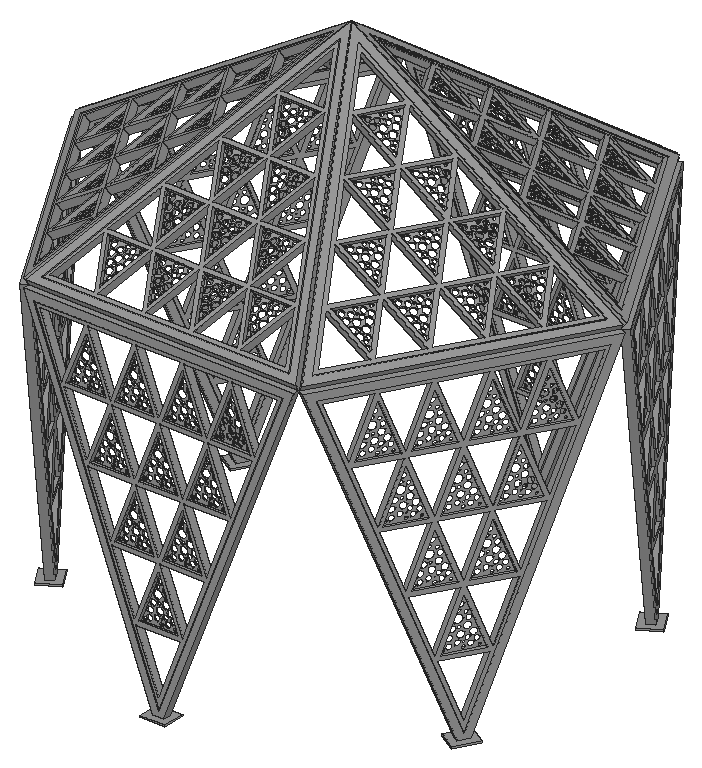
Revit family "Беседка «Трекант» Арт 19429", category Антураж, Revit 2018 (continued)
Forms (mm)
  Extrusion 43, solid, material "Сталь" <- "Цвет каркаса"
    sketch origin (7791.305, 3280, -426.44) x (-1, 0, 0) y (0, 0, 1)
      loop
        circle (5651.999, 1925.722) r 25
      loop
        circle (5571.018, 1965.519) r 12.691
      loop
        circle (5511.404, 1907.708) r 22.784
      loop
        circle (5476.11, 1841.398) r 15
      loop
        circle (5510.198, 1856.051) r 20
      loop
        circle (5560.156, 1872.059) r 20
      loop
        circle (5617.342, 1895.118) r 17.591
      loop
        circle (5671.63, 1882.765) r 20
      loop
        circle (5635.683, 1856.914) r 20
      loop
        circle (5686.795, 1840.888) r 12.84
      loop
        circle (5594.358, 1840.76) r 15
      loop
        circle (5595.853, 1872.696) r 8.413
    from -24 to -26
  Extrusion 44, solid, material "Сталь" <- "Цвет каркаса"
    sketch origin (7463.917, 3280, -426.44) x (-1, 0, 0) y (0, 0, 1)
      loop
        line (5449.503, 1823.152) -> (5723.327, 1823.152) -> (5586.415, 2179.821) -> (5449.503, 1823.152)
      loop
        circle (5580.444, 2103.02) r 20
      loop
        circle (5608.926, 2053.38) r 15
      loop
        circle (5564.101, 2064.484) r 15
      loop
        circle (5564.049, 2016.243) r 30
      loop
        circle (5617.758, 1968.637) r 25
      loop
        circle (5626.526, 2015.753) r 20
      loop
        circle (5532.58, 1959.09) r 21.813
      loop
        circle (5577.77, 1920.177) r 25
      loop
        circle (5651.999, 1925.722) r 25
      loop
        circle (5571.018, 1965.519) r 12.691
      loop
        circle (5511.404, 1907.708) r 22.784
      loop
        circle (5476.11, 1841.398) r 15
      loop
        circle (5510.198, 1856.051) r 20
      loop
        circle (5560.156, 1872.059) r 20
      loop
        circle (5617.342, 1895.118) r 17.591
      loop
        circle (5671.63, 1882.765) r 20
      loop
        circle (5635.683, 1856.914) r 20
      loop
        circle (5686.795, 1840.888) r 12.84
      loop
        circle (5594.358, 1840.76) r 15
      loop
        circle (5595.853, 1872.696) r 8.413
    from -24 to -26
  Extrusion 45, solid, material "Сталь" <- "Цвет каркаса"
    sketch origin (7136.529, 3280, -426.44) x (-1, 0, 0) y (0, 0, 1)
      loop
        line (5449.503, 1823.152) -> (5723.327, 1823.152) -> (5586.415, 2179.821) -> (5449.503, 1823.152)
      loop
        circle (5580.444, 2103.02) r 20
      loop
        circle (5608.926, 2053.38) r 15
      loop
        circle (5564.101, 2064.484) r 15
      loop
        circle (5564.049, 2016.243) r 30
      loop
        circle (5617.758, 1968.637) r 25
      loop
        circle (5626.526, 2015.753) r 20
      loop
        circle (5532.58, 1959.09) r 21.813
      loop
        circle (5577.77, 1920.177) r 25
      loop
        circle (5651.999, 1925.722) r 25
      loop
        circle (5571.018, 1965.519) r 12.691
      loop
        circle (5511.404, 1907.708) r 22.784
      loop
        circle (5476.11, 1841.398) r 15
      loop
        circle (5510.198, 1856.051) r 20
      loop
        circle (5560.156, 1872.059) r 20
      loop
        circle (5617.342, 1895.118) r 17.591
      loop
        circle (5671.63, 1882.765) r 20
      loop
        circle (5635.683, 1856.914) r 20
      loop
        circle (5686.795, 1840.888) r 12.84
      loop
        circle (5594.358, 1840.76) r 15
      loop
        circle (5595.853, 1872.696) r 8.413
    from -24 to -26
  Extrusion 46, solid, material "Сталь" <- "Цвет каркаса"
    sketch origin (7627.61, 3280, -852.88) x (-1, 0, 0) y (0, 0, 1)
      loop
        line (5449.503, 1823.152) -> (5723.327, 1823.152) -> (5586.415, 2179.821) -> (5449.503, 1823.152)
      loop
        circle (5580.444, 2103.02) r 20
      loop
        circle (5608.926, 2053.38) r 15
      loop
        circle (5564.101, 2064.484) r 15
      loop
        circle (5564.049, 2016.243) r 30
      loop
        circle (5617.758, 1968.637) r 25
      loop
        circle (5626.526, 2015.753) r 20
      loop
        circle (5532.58, 1959.09) r 21.813
      loop
        circle (5577.77, 1920.177) r 25
      loop
        circle (5651.999, 1925.722) r 25
      loop
        circle (5571.018, 1965.519) r 12.691
      loop
        circle (5511.404, 1907.708) r 22.784
      loop
        circle (5476.11, 1841.398) r 15
      loop
        circle (5510.198, 1856.051) r 20
      loop
        circle (5560.156, 1872.059) r 20
      loop
        circle (5617.342, 1895.118) r 17.591
      loop
        circle (5671.63, 1882.765) r 20
      loop
        circle (5635.683, 1856.914) r 20
      loop
        circle (5686.795, 1840.888) r 12.84
      loop
        circle (5594.358, 1840.76) r 15
      loop
        circle (5595.853, 1872.696) r 8.413
    from -24 to -26
  Extrusion 47, solid, material "Сталь" <- "Цвет каркаса"
    sketch origin (7300.222, 3280, -852.88) x (-1, 0, 0) y (0, 0, 1)
      loop
        line (5449.503, 1823.152) -> (5723.327, 1823.152) -> (5586.415, 2179.821) -> (5449.503, 1823.152)
      loop
        circle (5580.444, 2103.02) r 20
      loop
        circle (5608.926, 2053.38) r 15
      loop
        circle (5564.101, 2064.484) r 15
      loop
        circle (5564.049, 2016.243) r 30
      loop
        circle (5617.758, 1968.637) r 25
      loop
        circle (5626.526, 2015.753) r 20
      loop
        circle (5532.58, 1959.09) r 21.813
      loop
        circle (5577.77, 1920.177) r 25
      loop
        circle (5651.999, 1925.722) r 25
      loop
        circle (5571.018, 1965.519) r 12.691
      loop
        circle (5511.404, 1907.708) r 22.784
      loop
        circle (5476.11, 1841.398) r 15
      loop
        circle (5510.198, 1856.051) r 20
      loop
        circle (5560.156, 1872.059) r 20
      loop
        circle (5617.342, 1895.118) r 17.591
      loop
        circle (5671.63, 1882.765) r 20
      loop
        circle (5635.683, 1856.914) r 20
      loop
        circle (5686.795, 1840.888) r 12.84
      loop
        circle (5594.358, 1840.76) r 15
      loop
        circle (5595.853, 1872.696) r 8.413
    from -24 to -26
  Extrusion 48, solid, material "Сталь" <- "Цвет каркаса"
    sketch origin (7463.915, 3280, -1279.32) x (-1, 0, 0) y (0, 0, 1)
      loop
        line (5449.503, 1823.152) -> (5723.327, 1823.152) -> (5586.415, 2179.821) -> (5449.503, 1823.152)
      loop
        circle (5580.444, 2103.02) r 20
      loop
        circle (5608.926, 2053.38) r 15
      loop
        circle (5564.101, 2064.484) r 15
      loop
        circle (5564.049, 2016.243) r 30
      loop
        circle (5617.758, 1968.637) r 25
      loop
        circle (5626.526, 2015.753) r 20
      loop
        circle (5532.58, 1959.09) r 21.813
      loop
        circle (5577.77, 1920.177) r 25
      loop
        circle (5651.999, 1925.722) r 25
      loop
        circle (5571.018, 1965.519) r 12.691
      loop
        circle (5511.404, 1907.708) r 22.784
      loop
        circle (5476.11, 1841.398) r 15
      loop
        circle (5510.198, 1856.051) r 20
      loop
        circle (5560.156, 1872.059) r 20
      loop
        circle (5617.342, 1895.118) r 17.591
      loop
        circle (5671.63, 1882.765) r 20
      loop
        circle (5635.683, 1856.914) r 20
      loop
        circle (5686.795, 1840.888) r 12.84
      loop
        circle (5594.358, 1840.76) r 15
      loop
        circle (5595.853, 1872.696) r 8.413
    from -24 to -26
  Extrusion 49, solid, material "Сталь" <- "Цвет каркаса"
    sketch origin (1395.968, 4085.963, 0) x (-0.5, -0.866025, 0) y (0, 0, 1)
      loop
        line (959.5, 2299.592) -> (1842.231, 0) -> (1912.769, 0) -> (2795.5, 2299.592) -> (959.5, 2299.592)
      loop
        line (1032.25, 2249.592) -> (1877.5, 47.642) -> (2722.75, 2249.592) -> (1032.25, 2249.592)
    from 0 to -50
  Extrusion 50, solid, material "Дерево" <- "Цвет отделки"
    sketch origin (1395.968, 4085.963, 0) x (-0.5, -0.866025, 0) y (0, 0, 1)
      loop
        line (1877.5, 47.642) -> (2722.75, 2249.592) -> (1032.25, 2249.592) -> (1877.5, 47.642)
      loop
        line (1723.406, 518.832) -> (1877.5, 117.402) -> (2031.594, 518.832) -> (1723.406, 518.832)
      loop
        line (1559.711, 945.272) -> (1713.809, 543.832) -> (1867.907, 945.272) -> (1559.711, 945.272)
      loop
        line (1396.016, 1371.712) -> (1550.114, 970.272) -> (1704.212, 1371.712) -> (1396.016, 1371.712)
      loop
        line (1232.321, 1798.152) -> (1386.419, 1396.712) -> (1540.517, 1798.152) -> (1232.321, 1798.152)
      loop
        line (1249.503, 1823.152) -> (1523.327, 1823.152) -> (1386.415, 2179.821) -> (1249.503, 1823.152)
      loop
        line (1068.63, 2224.582) -> (1222.724, 1823.152) -> (1376.818, 2224.582) -> (1068.63, 2224.582)
      loop
        line (2204.886, 970.272) -> (2358.984, 1371.712) -> (2050.788, 1371.712) -> (2204.886, 970.272)
      loop
        line (2041.191, 543.832) -> (2195.289, 945.272) -> (1887.093, 945.272) -> (2041.191, 543.832)
      loop
        line (2368.581, 1396.712) -> (2522.679, 1798.152) -> (2214.483, 1798.152) -> (2368.581, 1396.712)
      loop
        line (2532.276, 1823.152) -> (2686.37, 2224.582) -> (2378.182, 2224.582) -> (2532.276, 1823.152)
      loop
        line (1576.891, 1823.152) -> (1850.715, 1823.152) -> (1713.803, 2179.821) -> (1576.891, 1823.152)
      loop
        line (1904.279, 1823.152) -> (2178.103, 1823.152) -> (2041.191, 2179.821) -> (1904.279, 1823.152)
      loop
        line (2231.667, 1823.152) -> (2505.491, 1823.152) -> (2368.579, 2179.821) -> (2231.667, 1823.152)
      loop
        line (2204.888, 1823.152) -> (2358.982, 2224.582) -> (2050.794, 2224.582) -> (2204.888, 1823.152)
      loop
        line (1877.5, 1823.152) -> (2031.594, 2224.582) -> (1723.406, 2224.582) -> (1877.5, 1823.152)
      loop
        line (1550.112, 1823.152) -> (1704.206, 2224.582) -> (1396.018, 2224.582) -> (1550.112, 1823.152)
      loop
        line (1413.198, 1396.712) -> (1687.022, 1396.712) -> (1550.11, 1753.381) -> (1413.198, 1396.712)
      loop
        line (1740.586, 1396.712) -> (2014.41, 1396.712) -> (1877.498, 1753.381) -> (1740.586, 1396.712)
      loop
        line (2067.974, 1396.712) -> (2341.798, 1396.712) -> (2204.886, 1753.381) -> (2067.974, 1396.712)
      loop
        line (1559.709, 1798.152) -> (1713.807, 1396.712) -> (1867.905, 1798.152) -> (1559.709, 1798.152)
      loop
        line (1887.087, 1798.152) -> (2041.189, 1396.702) -> (2195.291, 1798.152) -> (1887.087, 1798.152)
      loop
        line (1576.893, 970.272) -> (1850.717, 970.272) -> (1713.805, 1326.941) -> (1576.893, 970.272)
      loop
        line (1904.281, 970.272) -> (2178.105, 970.272) -> (2041.193, 1326.941) -> (1904.281, 970.272)
      loop
        line (1723.402, 1371.712) -> (1877.5, 970.272) -> (2031.598, 1371.712) -> (1723.402, 1371.712)
      loop
        line (1740.588, 543.832) -> (2014.412, 543.832) -> (1877.5, 900.501) -> (1740.588, 543.832)
    from 0 to -50
  Extrusion 51, solid, material "Сталь" <- "Цвет каркаса"
    sketch origin (3495.968, 7723.269, 0) x (-0.5, -0.866025, 0) y (0, 0, 1)
      loop
        line (5449.503, 1823.152) -> (5723.327, 1823.152) -> (5586.415, 2179.821) -> (5449.503, 1823.152)
      loop
        circle (5580.444, 2103.02) r 20
      loop
        circle (5608.926, 2053.38) r 15
      loop
        circle (5564.101, 2064.484) r 15
      loop
        circle (5564.049, 2016.243) r 30
      loop
        circle (5617.758, 1968.637) r 25
      loop
        circle (5626.526, 2015.753) r 20
      loop
        circle (5532.58, 1959.09) r 21.813
      loop
        circle (5577.77, 1920.177) r 25
      loop
        circle (5651.999, 1925.722) r 25
      loop
        circle (5571.018, 1965.519) r 12.691
      loop
        circle (5511.404, 1907.708) r 22.784
      loop
        circle (5476.11, 1841.398) r 15
      loop
        circle (5510.198, 1856.051) r 20
      loop
        circle (5560.156, 1872.059) r 20
      loop
        circle (5617.342, 1895.118) r 17.591
      loop
        circle (5671.63, 1882.765) r 20
      loop
        circle (5635.683, 1856.914) r 20
      loop
        circle (5686.795, 1840.888) r 12.84
      loop
        circle (5594.358, 1840.76) r 15
      loop
        circle (5595.853, 1872.696) r 8.413
    from -24 to -26
  Extrusion 52, solid, material "Сталь" <- "Цвет каркаса"
    sketch origin (3332.274, 7439.743, 0) x (-0.5, -0.866025, 0) y (0, 0, 1)
      loop
        line (5449.503, 1823.152) -> (5723.327, 1823.152) -> (5586.415, 2179.821) -> (5449.503, 1823.152)
      loop
        circle (5580.444, 2103.02) r 20
      loop
        circle (5608.926, 2053.38) r 15
      loop
        circle (5564.101, 2064.484) r 15
      loop
        circle (5564.049, 2016.243) r 30
      loop
        circle (5617.758, 1968.637) r 25
      loop
        circle (5626.526, 2015.753) r 20
      loop
        circle (5532.58, 1959.09) r 21.813
      loop
        circle (5577.77, 1920.177) r 25
      loop
        circle (5651.999, 1925.722) r 25
      loop
        circle (5571.018, 1965.519) r 12.691
      loop
        circle (5511.404, 1907.708) r 22.784
      loop
        circle (5476.11, 1841.398) r 15
      loop
        circle (5510.198, 1856.051) r 20
      loop
        circle (5560.156, 1872.059) r 20
      loop
        circle (5617.342, 1895.118) r 17.591
      loop
        circle (5671.63, 1882.765) r 20
      loop
        circle (5635.683, 1856.914) r 20
      loop
        circle (5686.795, 1840.888) r 12.84
      loop
        circle (5594.358, 1840.76) r 15
      loop
        circle (5595.853, 1872.696) r 8.413
    from -24 to -26
  Extrusion 53, solid, material "Сталь" <- "Цвет каркаса"
    sketch origin (3168.58, 7156.217, 0) x (-0.5, -0.866025, 0) y (0, 0, 1)
      loop
        line (5449.503, 1823.152) -> (5723.327, 1823.152) -> (5586.415, 2179.821) -> (5449.503, 1823.152)
      loop
        circle (5580.444, 2103.02) r 20
      loop
        circle (5608.926, 2053.38) r 15
      loop
        circle (5564.101, 2064.484) r 15
      loop
        circle (5564.049, 2016.243) r 30
      loop
        circle (5617.758, 1968.637) r 25
      loop
        circle (5626.526, 2015.753) r 20
      loop
        circle (5532.58, 1959.09) r 21.813
      loop
        circle (5577.77, 1920.177) r 25
      loop
        circle (5651.999, 1925.722) r 25
      loop
        circle (5571.018, 1965.519) r 12.691
      loop
        circle (5511.404, 1907.708) r 22.784
      loop
        circle (5476.11, 1841.398) r 15
      loop
        circle (5510.198, 1856.051) r 20
      loop
        circle (5560.156, 1872.059) r 20
      loop
        circle (5617.342, 1895.118) r 17.591
      loop
        circle (5671.63, 1882.765) r 20
      loop
        circle (5635.683, 1856.914) r 20
      loop
        circle (5686.795, 1840.888) r 12.84
      loop
        circle (5594.358, 1840.76) r 15
      loop
        circle (5595.853, 1872.696) r 8.413
    from -24 to -26
  Extrusion 54, solid, material "Сталь" <- "Цвет каркаса"
    sketch origin (3004.886, 6872.69, 0) x (-0.5, -0.866025, 0) y (0, 0, 1)
      loop
        line (5449.503, 1823.152) -> (5723.327, 1823.152) -> (5586.415, 2179.821) -> (5449.503, 1823.152)
      loop
        circle (5580.444, 2103.02) r 20
      loop
        circle (5608.926, 2053.38) r 15
      loop
        circle (5564.101, 2064.484) r 15
      loop
        circle (5564.049, 2016.243) r 30
      loop
        circle (5617.758, 1968.637) r 25
      loop
        circle (5626.526, 2015.753) r 20
      loop
        circle (5532.58, 1959.09) r 21.813
      loop
        circle (5577.77, 1920.177) r 25
      loop
        circle (5651.999, 1925.722) r 25
      loop
        circle (5571.018, 1965.519) r 12.691
      loop
        circle (5511.404, 1907.708) r 22.784
      loop
        circle (5476.11, 1841.398) r 15
      loop
        circle (5510.198, 1856.051) r 20
      loop
        circle (5560.156, 1872.059) r 20
      loop
        circle (5617.342, 1895.118) r 17.591
      loop
        circle (5671.63, 1882.765) r 20
      loop
        circle (5635.683, 1856.914) r 20
      loop
        circle (5686.795, 1840.888) r 12.84
      loop
        circle (5594.358, 1840.76) r 15
      loop
        circle (5595.853, 1872.696) r 8.413
    from -24 to -26
  Extrusion 55, solid, material "Сталь" <- "Цвет каркаса"
    sketch origin (3414.121, 7581.505, -426.44) x (-0.5, -0.866025, 0) y (0, 0, 1)
      loop
        line (5449.503, 1823.152) -> (5723.327, 1823.152) -> (5586.415, 2179.821) -> (5449.503, 1823.152)
      loop
        circle (5580.444, 2103.02) r 20
      loop
        circle (5608.926, 2053.38) r 15
      loop
        circle (5564.101, 2064.484) r 15
      loop
        circle (5564.049, 2016.243) r 30
      loop
        circle (5617.758, 1968.637) r 25
      loop
        circle (5626.526, 2015.753) r 20
      loop
        circle (5532.58, 1959.09) r 21.813
      loop
        circle (5577.77, 1920.177) r 25
      loop
        circle (5651.999, 1925.722) r 25
      loop
        circle (5571.018, 1965.519) r 12.691
      loop
        circle (5511.404, 1907.708) r 22.784
      loop
        circle (5476.11, 1841.398) r 15
      loop
        circle (5510.198, 1856.051) r 20
      loop
        circle (5560.156, 1872.059) r 20
      loop
        circle (5617.342, 1895.118) r 17.591
      loop
        circle (5671.63, 1882.765) r 20
      loop
        circle (5635.683, 1856.914) r 20
      loop
        circle (5686.795, 1840.888) r 12.84
      loop
        circle (5594.358, 1840.76) r 15
      loop
        circle (5595.853, 1872.696) r 8.413
    from -24 to -26
  Extrusion 56, solid, material "Сталь" <- "Цвет каркаса"
    sketch origin (3250.427, 7297.979, -426.44) x (-0.5, -0.866025, 0) y (0, 0, 1)
      loop
        line (5449.503, 1823.152) -> (5723.327, 1823.152) -> (5586.415, 2179.821) -> (5449.503, 1823.152)
      loop
        circle (5580.444, 2103.02) r 20
      loop
        circle (5608.926, 2053.38) r 15
      loop
        circle (5564.101, 2064.484) r 15
      loop
        circle (5564.049, 2016.243) r 30
      loop
        circle (5617.758, 1968.637) r 25
      loop
        circle (5626.526, 2015.753) r 20
      loop
        circle (5532.58, 1959.09) r 21.813
      loop
        circle (5577.77, 1920.177) r 25
      loop
        circle (5651.999, 1925.722) r 25
      loop
        circle (5571.018, 1965.519) r 12.691
      loop
        circle (5511.404, 1907.708) r 22.784
      loop
        circle (5476.11, 1841.398) r 15
      loop
        circle (5510.198, 1856.051) r 20
      loop
        circle (5560.156, 1872.059) r 20
      loop
        circle (5617.342, 1895.118) r 17.591
      loop
        circle (5671.63, 1882.765) r 20
      loop
        circle (5635.683, 1856.914) r 20
      loop
        circle (5686.795, 1840.888) r 12.84
      loop
        circle (5594.358, 1840.76) r 15
      loop
        circle (5595.853, 1872.696) r 8.413
    from -24 to -26
  Extrusion 57, solid, material "Сталь" <- "Цвет каркаса"
    sketch origin (3086.733, 7014.453, -426.44) x (-0.5, -0.866025, 0) y (0, 0, 1)
      loop
        line (5449.503, 1823.152) -> (5723.327, 1823.152) -> (5586.415, 2179.821) -> (5449.503, 1823.152)
      loop
        circle (5580.444, 2103.02) r 20
      loop
        circle (5608.926, 2053.38) r 15
      loop
        circle (5564.101, 2064.484) r 15
      loop
        circle (5564.049, 2016.243) r 30
      loop
        circle (5617.758, 1968.637) r 25
      loop
        circle (5626.526, 2015.753) r 20
      loop
        circle (5532.58, 1959.09) r 21.813
      loop
        circle (5577.77, 1920.177) r 25
      loop
        circle (5651.999, 1925.722) r 25
      loop
        circle (5571.018, 1965.519) r 12.691
      loop
        circle (5511.404, 1907.708) r 22.784
      loop
        circle (5476.11, 1841.398) r 15
      loop
        circle (5510.198, 1856.051) r 20
      loop
        circle (5560.156, 1872.059) r 20
      loop
        circle (5617.342, 1895.118) r 17.591
      loop
        circle (5671.63, 1882.765) r 20
      loop
        circle (5635.683, 1856.914) r 20
      loop
        circle (5686.795, 1840.888) r 12.84
      loop
        circle (5594.358, 1840.76) r 15
      loop
        circle (5595.853, 1872.696) r 8.413
    from -24 to -26
  Extrusion 58, solid, material "Сталь" <- "Цвет каркаса"
    sketch origin (3332.273, 7439.741, -852.88) x (-0.5, -0.866025, 0) y (0, 0, 1)
      loop
        line (5449.503, 1823.152) -> (5723.327, 1823.152) -> (5586.415, 2179.821) -> (5449.503, 1823.152)
      loop
        circle (5580.444, 2103.02) r 20
      loop
        circle (5608.926, 2053.38) r 15
      loop
        circle (5564.101, 2064.484) r 15
      loop
        circle (5564.049, 2016.243) r 30
      loop
        circle (5617.758, 1968.637) r 25
      loop
        circle (5626.526, 2015.753) r 20
      loop
        circle (5532.58, 1959.09) r 21.813
      loop
        circle (5577.77, 1920.177) r 25
      loop
        circle (5651.999, 1925.722) r 25
      loop
        circle (5571.018, 1965.519) r 12.691
      loop
        circle (5511.404, 1907.708) r 22.784
      loop
        circle (5476.11, 1841.398) r 15
      loop
        circle (5510.198, 1856.051) r 20
      loop
        circle (5560.156, 1872.059) r 20
      loop
        circle (5617.342, 1895.118) r 17.591
      loop
        circle (5671.63, 1882.765) r 20
      loop
        circle (5635.683, 1856.914) r 20
      loop
        circle (5686.795, 1840.888) r 12.84
      loop
        circle (5594.358, 1840.76) r 15
      loop
        circle (5595.853, 1872.696) r 8.413
    from -24 to -26
  Extrusion 59, solid, material "Сталь" <- "Цвет каркаса"
    sketch origin (3168.579, 7156.215, -852.88) x (-0.5, -0.866025, 0) y (0, 0, 1)
      loop
        line (5449.503, 1823.152) -> (5723.327, 1823.152) -> (5586.415, 2179.821) -> (5449.503, 1823.152)
      loop
        circle (5580.444, 2103.02) r 20
      loop
        circle (5608.926, 2053.38) r 15
      loop
        circle (5564.101, 2064.484) r 15
      loop
        circle (5564.049, 2016.243) r 30
      loop
        circle (5617.758, 1968.637) r 25
      loop
        circle (5626.526, 2015.753) r 20
      loop
        circle (5532.58, 1959.09) r 21.813
      loop
        circle (5577.77, 1920.177) r 25
      loop
        circle (5651.999, 1925.722) r 25
      loop
        circle (5571.018, 1965.519) r 12.691
      loop
        circle (5511.404, 1907.708) r 22.784
      loop
        circle (5476.11, 1841.398) r 15
      loop
        circle (5510.198, 1856.051) r 20
      loop
        circle (5560.156, 1872.059) r 20
      loop
        circle (5617.342, 1895.118) r 17.591
      loop
        circle (5671.63, 1882.765) r 20
      loop
        circle (5635.683, 1856.914) r 20
      loop
        circle (5686.795, 1840.888) r 12.84
      loop
        circle (5594.358, 1840.76) r 15
      loop
        circle (5595.853, 1872.696) r 8.413
    from -24 to -26
  Extrusion 60, solid, material "Сталь" <- "Цвет каркаса"
    sketch origin (3250.426, 7297.977, -1279.32) x (-0.5, -0.866025, 0) y (0, 0, 1)
      loop
        line (5449.503, 1823.152) -> (5723.327, 1823.152) -> (5586.415, 2179.821) -> (5449.503, 1823.152)
      loop
        circle (5580.444, 2103.02) r 20
      loop
        circle (5608.926, 2053.38) r 15
      loop
        circle (5564.101, 2064.484) r 15
      loop
        circle (5564.049, 2016.243) r 30
      loop
        circle (5617.758, 1968.637) r 25
      loop
        circle (5626.526, 2015.753) r 20
      loop
        circle (5532.58, 1959.09) r 21.813
      loop
        circle (5577.77, 1920.177) r 25
      loop
        circle (5651.999, 1925.722) r 25
      loop
        circle (5571.018, 1965.519) r 12.691
      loop
        circle (5511.404, 1907.708) r 22.784
      loop
        circle (5476.11, 1841.398) r 15
      loop
        circle (5510.198, 1856.051) r 20
      loop
        circle (5560.156, 1872.059) r 20
      loop
        circle (5617.342, 1895.118) r 17.591
      loop
        circle (5671.63, 1882.765) r 20
      loop
        circle (5635.683, 1856.914) r 20
      loop
        circle (5686.795, 1840.888) r 12.84
      loop
        circle (5594.358, 1840.76) r 15
      loop
        circle (5595.853, 1872.696) r 8.413
    from -24 to -26
  Extrusion 61, solid, material "Сталь" <- "Цвет каркаса"
    sketch origin (-481.532, 2445.963, 0) x (0.5, -0.866025, 0) y (0, 0, 1)
      loop
        line (959.5, 2299.592) -> (1842.231, 0) -> (1912.769, 0) -> (2795.5, 2299.592) -> (959.5, 2299.592)
      loop
        line (1032.25, 2249.592) -> (1877.5, 47.642) -> (2722.75, 2249.592) -> (1032.25, 2249.592)
    from 0 to -50
  Extrusion 62, solid, material "Дерево" <- "Цвет отделки"
    sketch origin (-481.532, 2445.963, 0) x (0.5, -0.866025, 0) y (0, 0, 1)
      loop
        line (1877.5, 47.642) -> (2722.75, 2249.592) -> (1032.25, 2249.592) -> (1877.5, 47.642)
      loop
        line (1723.406, 518.832) -> (1877.5, 117.402) -> (2031.594, 518.832) -> (1723.406, 518.832)
      loop
        line (1559.711, 945.272) -> (1713.809, 543.832) -> (1867.907, 945.272) -> (1559.711, 945.272)
      loop
        line (1396.016, 1371.712) -> (1550.114, 970.272) -> (1704.212, 1371.712) -> (1396.016, 1371.712)
      loop
        line (1232.321, 1798.152) -> (1386.419, 1396.712) -> (1540.517, 1798.152) -> (1232.321, 1798.152)
      loop
        line (1249.503, 1823.152) -> (1523.327, 1823.152) -> (1386.415, 2179.821) -> (1249.503, 1823.152)
      loop
        line (1068.63, 2224.582) -> (1222.724, 1823.152) -> (1376.818, 2224.582) -> (1068.63, 2224.582)
      loop
        line (2204.886, 970.272) -> (2358.984, 1371.712) -> (2050.788, 1371.712) -> (2204.886, 970.272)
      loop
        line (2041.191, 543.832) -> (2195.289, 945.272) -> (1887.093, 945.272) -> (2041.191, 543.832)
      loop
        line (2368.581, 1396.712) -> (2522.679, 1798.152) -> (2214.483, 1798.152) -> (2368.581, 1396.712)
      loop
        line (2532.276, 1823.152) -> (2686.37, 2224.582) -> (2378.182, 2224.582) -> (2532.276, 1823.152)
      loop
        line (1576.891, 1823.152) -> (1850.715, 1823.152) -> (1713.803, 2179.821) -> (1576.891, 1823.152)
      loop
        line (1904.279, 1823.152) -> (2178.103, 1823.152) -> (2041.191, 2179.821) -> (1904.279, 1823.152)
      loop
        line (2231.667, 1823.152) -> (2505.491, 1823.152) -> (2368.579, 2179.821) -> (2231.667, 1823.152)
      loop
        line (2204.888, 1823.152) -> (2358.982, 2224.582) -> (2050.794, 2224.582) -> (2204.888, 1823.152)
      loop
        line (1877.5, 1823.152) -> (2031.594, 2224.582) -> (1723.406, 2224.582) -> (1877.5, 1823.152)
      loop
        line (1550.112, 1823.152) -> (1704.206, 2224.582) -> (1396.018, 2224.582) -> (1550.112, 1823.152)
      loop
        line (1413.198, 1396.712) -> (1687.022, 1396.712) -> (1550.11, 1753.381) -> (1413.198, 1396.712)
      loop
        line (1740.586, 1396.712) -> (2014.41, 1396.712) -> (1877.498, 1753.381) -> (1740.586, 1396.712)
      loop
        line (2067.974, 1396.712) -> (2341.798, 1396.712) -> (2204.886, 1753.381) -> (2067.974, 1396.712)
      loop
        line (1559.709, 1798.152) -> (1713.807, 1396.712) -> (1867.905, 1798.152) -> (1559.709, 1798.152)
      loop
        line (1887.087, 1798.152) -> (2041.189, 1396.702) -> (2195.291, 1798.152) -> (1887.087, 1798.152)
      loop
        line (1576.893, 970.272) -> (1850.717, 970.272) -> (1713.805, 1326.941) -> (1576.893, 970.272)
      loop
        line (1904.281, 970.272) -> (2178.105, 970.272) -> (2041.193, 1326.941) -> (1904.281, 970.272)
      loop
        line (1723.402, 1371.712) -> (1877.5, 970.272) -> (2031.598, 1371.712) -> (1723.402, 1371.712)
      loop
        line (1740.588, 543.832) -> (2014.412, 543.832) -> (1877.5, 900.501) -> (1740.588, 543.832)
    from 0 to -50
  Extrusion 63, solid, material "Сталь" <- "Цвет каркаса"
    sketch origin (-2581.532, 6083.269, 0) x (0.5, -0.866025, 0) y (0, 0, 1)
      loop
        line (5449.503, 1823.152) -> (5723.327, 1823.152) -> (5586.415, 2179.821) -> (5449.503, 1823.152)
      loop
        circle (5580.444, 2103.02) r 20
      loop
        circle (5608.926, 2053.38) r 15
      loop
        circle (5564.101, 2064.484) r 15
      loop
        circle (5564.049, 2016.243) r 30
      loop
        circle (5617.758, 1968.637) r 25
      loop
        circle (5626.526, 2015.753) r 20
      loop
        circle (5532.58, 1959.09) r 21.813
      loop
        circle (5577.77, 1920.177) r 25
      loop
        circle (5651.999, 1925.722) r 25
      loop
        circle (5571.018, 1965.519) r 12.691
      loop
        circle (5511.404, 1907.708) r 22.784
      loop
        circle (5476.11, 1841.398) r 15
      loop
        circle (5510.198, 1856.051) r 20
      loop
        circle (5560.156, 1872.059) r 20
      loop
        circle (5617.342, 1895.118) r 17.591
      loop
        circle (5671.63, 1882.765) r 20
      loop
        circle (5635.683, 1856.914) r 20
      loop
        circle (5686.795, 1840.888) r 12.84
      loop
        circle (5594.358, 1840.76) r 15
      loop
        circle (5595.853, 1872.696) r 8.413
    from -24 to -26
  Extrusion 64, solid, material "Сталь" <- "Цвет каркаса"
    sketch origin (-2417.838, 5799.743, 0) x (0.5, -0.866025, 0) y (0, 0, 1)
      loop
        line (5449.503, 1823.152) -> (5723.327, 1823.152) -> (5586.415, 2179.821) -> (5449.503, 1823.152)
      loop
        circle (5580.444, 2103.02) r 20
      loop
        circle (5608.926, 2053.38) r 15
      loop
        circle (5564.101, 2064.484) r 15
      loop
        circle (5564.049, 2016.243) r 30
      loop
        circle (5617.758, 1968.637) r 25
      loop
        circle (5626.526, 2015.753) r 20
      loop
        circle (5532.58, 1959.09) r 21.813
      loop
        circle (5577.77, 1920.177) r 25
      loop
        circle (5651.999, 1925.722) r 25
      loop
        circle (5571.018, 1965.519) r 12.691
      loop
        circle (5511.404, 1907.708) r 22.784
      loop
        circle (5476.11, 1841.398) r 15
      loop
        circle (5510.198, 1856.051) r 20
      loop
        circle (5560.156, 1872.059) r 20
      loop
        circle (5617.342, 1895.118) r 17.591
      loop
        circle (5671.63, 1882.765) r 20
      loop
        circle (5635.683, 1856.914) r 20
      loop
        circle (5686.795, 1840.888) r 12.84
      loop
        circle (5594.358, 1840.76) r 15
      loop
        circle (5595.853, 1872.696) r 8.413
    from -24 to -26
  Extrusion 65, solid, material "Сталь" <- "Цвет каркаса"
    sketch origin (-2254.144, 5516.217, 0) x (0.5, -0.866025, 0) y (0, 0, 1)
      loop
        line (5449.503, 1823.152) -> (5723.327, 1823.152) -> (5586.415, 2179.821) -> (5449.503, 1823.152)
      loop
        circle (5580.444, 2103.02) r 20
      loop
        circle (5608.926, 2053.38) r 15
      loop
        circle (5564.101, 2064.484) r 15
      loop
        circle (5564.049, 2016.243) r 30
      loop
        circle (5617.758, 1968.637) r 25
      loop
        circle (5626.526, 2015.753) r 20
      loop
        circle (5532.58, 1959.09) r 21.813
      loop
        circle (5577.77, 1920.177) r 25
      loop
        circle (5651.999, 1925.722) r 25
      loop
        circle (5571.018, 1965.519) r 12.691
      loop
        circle (5511.404, 1907.708) r 22.784
      loop
        circle (5476.11, 1841.398) r 15
      loop
        circle (5510.198, 1856.051) r 20
      loop
        circle (5560.156, 1872.059) r 20
      loop
        circle (5617.342, 1895.118) r 17.591
      loop
        circle (5671.63, 1882.765) r 20
      loop
        circle (5635.683, 1856.914) r 20
      loop
        circle (5686.795, 1840.888) r 12.84
      loop
        circle (5594.358, 1840.76) r 15
      loop
        circle (5595.853, 1872.696) r 8.413
    from -24 to -26
  Extrusion 66, solid, material "Сталь" <- "Цвет каркаса"
    sketch origin (-2090.45, 5232.69, 0) x (0.5, -0.866025, 0) y (0, 0, 1)
      loop
        line (5449.503, 1823.152) -> (5723.327, 1823.152) -> (5586.415, 2179.821) -> (5449.503, 1823.152)
      loop
        circle (5580.444, 2103.02) r 20
      loop
        circle (5608.926, 2053.38) r 15
      loop
        circle (5564.101, 2064.484) r 15
      loop
        circle (5564.049, 2016.243) r 30
      loop
        circle (5617.758, 1968.637) r 25
      loop
        circle (5626.526, 2015.753) r 20
      loop
        circle (5532.58, 1959.09) r 21.813
      loop
        circle (5577.77, 1920.177) r 25
      loop
        circle (5651.999, 1925.722) r 25
      loop
        circle (5571.018, 1965.519) r 12.691
      loop
        circle (5511.404, 1907.708) r 22.784
      loop
        circle (5476.11, 1841.398) r 15
      loop
        circle (5510.198, 1856.051) r 20
      loop
        circle (5560.156, 1872.059) r 20
      loop
        circle (5617.342, 1895.118) r 17.591
      loop
        circle (5671.63, 1882.765) r 20
      loop
        circle (5635.683, 1856.914) r 20
      loop
        circle (5686.795, 1840.888) r 12.84
      loop
        circle (5594.358, 1840.76) r 15
      loop
        circle (5595.853, 1872.696) r 8.413
    from -24 to -26
  Extrusion 67, solid, material "Сталь" <- "Цвет каркаса"
    sketch origin (-2499.684, 5941.505, -426.44) x (0.5, -0.866025, 0) y (0, 0, 1)
      loop
        line (5449.503, 1823.152) -> (5723.327, 1823.152) -> (5586.415, 2179.821) -> (5449.503, 1823.152)
      loop
        circle (5580.444, 2103.02) r 20
      loop
        circle (5608.926, 2053.38) r 15
      loop
        circle (5564.101, 2064.484) r 15
      loop
        circle (5564.049, 2016.243) r 30
      loop
        circle (5617.758, 1968.637) r 25
      loop
        circle (5626.526, 2015.753) r 20
      loop
        circle (5532.58, 1959.09) r 21.813
      loop
        circle (5577.77, 1920.177) r 25
      loop
        circle (5651.999, 1925.722) r 25
      loop
        circle (5571.018, 1965.519) r 12.691
      loop
        circle (5511.404, 1907.708) r 22.784
      loop
        circle (5476.11, 1841.398) r 15
      loop
        circle (5510.198, 1856.051) r 20
      loop
        circle (5560.156, 1872.059) r 20
      loop
        circle (5617.342, 1895.118) r 17.591
      loop
        circle (5671.63, 1882.765) r 20
      loop
        circle (5635.683, 1856.914) r 20
      loop
        circle (5686.795, 1840.888) r 12.84
      loop
        circle (5594.358, 1840.76) r 15
      loop
        circle (5595.853, 1872.696) r 8.413
    from -24 to -26
  Extrusion 68, solid, material "Сталь" <- "Цвет каркаса"
    sketch origin (-2335.99, 5657.979, -426.44) x (0.5, -0.866025, 0) y (0, 0, 1)
      loop
        line (5449.503, 1823.152) -> (5723.327, 1823.152) -> (5586.415, 2179.821) -> (5449.503, 1823.152)
      loop
        circle (5580.444, 2103.02) r 20
      loop
        circle (5608.926, 2053.38) r 15
      loop
        circle (5564.101, 2064.484) r 15
      loop
        circle (5564.049, 2016.243) r 30
      loop
        circle (5617.758, 1968.637) r 25
      loop
        circle (5626.526, 2015.753) r 20
      loop
        circle (5532.58, 1959.09) r 21.813
      loop
        circle (5577.77, 1920.177) r 25
      loop
        circle (5651.999, 1925.722) r 25
      loop
        circle (5571.018, 1965.519) r 12.691
      loop
        circle (5511.404, 1907.708) r 22.784
      loop
        circle (5476.11, 1841.398) r 15
      loop
        circle (5510.198, 1856.051) r 20
      loop
        circle (5560.156, 1872.059) r 20
      loop
        circle (5617.342, 1895.118) r 17.591
      loop
        circle (5671.63, 1882.765) r 20
      loop
        circle (5635.683, 1856.914) r 20
      loop
        circle (5686.795, 1840.888) r 12.84
      loop
        circle (5594.358, 1840.76) r 15
      loop
        circle (5595.853, 1872.696) r 8.413
    from -24 to -26
  Extrusion 69, solid, material "Сталь" <- "Цвет каркаса"
    sketch origin (-2172.296, 5374.453, -426.44) x (0.5, -0.866025, 0) y (0, 0, 1)
      loop
        line (5449.503, 1823.152) -> (5723.327, 1823.152) -> (5586.415, 2179.821) -> (5449.503, 1823.152)
      loop
        circle (5580.444, 2103.02) r 20
      loop
        circle (5608.926, 2053.38) r 15
      loop
        circle (5564.101, 2064.484) r 15
      loop
        circle (5564.049, 2016.243) r 30
      loop
        circle (5617.758, 1968.637) r 25
      loop
        circle (5626.526, 2015.753) r 20
      loop
        circle (5532.58, 1959.09) r 21.813
      loop
        circle (5577.77, 1920.177) r 25
      loop
        circle (5651.999, 1925.722) r 25
      loop
        circle (5571.018, 1965.519) r 12.691
      loop
        circle (5511.404, 1907.708) r 22.784
      loop
        circle (5476.11, 1841.398) r 15
      loop
        circle (5510.198, 1856.051) r 20
      loop
        circle (5560.156, 1872.059) r 20
      loop
        circle (5617.342, 1895.118) r 17.591
      loop
        circle (5671.63, 1882.765) r 20
      loop
        circle (5635.683, 1856.914) r 20
      loop
        circle (5686.795, 1840.888) r 12.84
      loop
        circle (5594.358, 1840.76) r 15
      loop
        circle (5595.853, 1872.696) r 8.413
    from -24 to -26
  Extrusion 70, solid, material "Сталь" <- "Цвет каркаса"
    sketch origin (-2417.837, 5799.741, -852.88) x (0.5, -0.866025, 0) y (0, 0, 1)
      loop
        line (5449.503, 1823.152) -> (5723.327, 1823.152) -> (5586.415, 2179.821) -> (5449.503, 1823.152)
      loop
        circle (5580.444, 2103.02) r 20
      loop
        circle (5608.926, 2053.38) r 15
      loop
        circle (5564.101, 2064.484) r 15
      loop
        circle (5564.049, 2016.243) r 30
      loop
        circle (5617.758, 1968.637) r 25
      loop
        circle (5626.526, 2015.753) r 20
      loop
        circle (5532.58, 1959.09) r 21.813
      loop
        circle (5577.77, 1920.177) r 25
      loop
        circle (5651.999, 1925.722) r 25
      loop
        circle (5571.018, 1965.519) r 12.691
      loop
        circle (5511.404, 1907.708) r 22.784
      loop
        circle (5476.11, 1841.398) r 15
      loop
        circle (5510.198, 1856.051) r 20
      loop
        circle (5560.156, 1872.059) r 20
      loop
        circle (5617.342, 1895.118) r 17.591
      loop
        circle (5671.63, 1882.765) r 20
      loop
        circle (5635.683, 1856.914) r 20
      loop
        circle (5686.795, 1840.888) r 12.84
      loop
        circle (5594.358, 1840.76) r 15
      loop
        circle (5595.853, 1872.696) r 8.413
    from -24 to -26
  Extrusion 71, solid, material "Сталь" <- "Цвет каркаса"
    sketch origin (-2254.143, 5516.215, -852.88) x (0.5, -0.866025, 0) y (0, 0, 1)
      loop
        line (5449.503, 1823.152) -> (5723.327, 1823.152) -> (5586.415, 2179.821) -> (5449.503, 1823.152)
      loop
        circle (5580.444, 2103.02) r 20
      loop
        circle (5608.926, 2053.38) r 15
      loop
        circle (5564.101, 2064.484) r 15
      loop
        circle (5564.049, 2016.243) r 30
      loop
        circle (5617.758, 1968.637) r 25
      loop
        circle (5626.526, 2015.753) r 20
      loop
        circle (5532.58, 1959.09) r 21.813
      loop
        circle (5577.77, 1920.177) r 25
      loop
        circle (5651.999, 1925.722) r 25
      loop
        circle (5571.018, 1965.519) r 12.691
      loop
        circle (5511.404, 1907.708) r 22.784
      loop
        circle (5476.11, 1841.398) r 15
      loop
        circle (5510.198, 1856.051) r 20
      loop
        circle (5560.156, 1872.059) r 20
      loop
        circle (5617.342, 1895.118) r 17.591
      loop
        circle (5671.63, 1882.765) r 20
      loop
        circle (5635.683, 1856.914) r 20
      loop
        circle (5686.795, 1840.888) r 12.84
      loop
        circle (5594.358, 1840.76) r 15
      loop
        circle (5595.853, 1872.696) r 8.413
    from -24 to -26
  Extrusion 72, solid, material "Сталь" <- "Цвет каркаса"
    sketch origin (-2335.989, 5657.977, -1279.32) x (0.5, -0.866025, 0) y (0, 0, 1)
      loop
        line (5449.503, 1823.152) -> (5723.327, 1823.152) -> (5586.415, 2179.821) -> (5449.503, 1823.152)
      loop
        circle (5580.444, 2103.02) r 20
      loop
        circle (5608.926, 2053.38) r 15
      loop
        circle (5564.101, 2064.484) r 15
      loop
        circle (5564.049, 2016.243) r 30
      loop
        circle (5617.758, 1968.637) r 25
      loop
        circle (5626.526, 2015.753) r 20
      loop
        circle (5532.58, 1959.09) r 21.813
      loop
        circle (5577.77, 1920.177) r 25
      loop
        circle (5651.999, 1925.722) r 25
      loop
        circle (5571.018, 1965.519) r 12.691
      loop
        circle (5511.404, 1907.708) r 22.784
      loop
        circle (5476.11, 1841.398) r 15
      loop
        circle (5510.198, 1856.051) r 20
      loop
        circle (5560.156, 1872.059) r 20
      loop
        circle (5617.342, 1895.118) r 17.591
      loop
        circle (5671.63, 1882.765) r 20
      loop
        circle (5635.683, 1856.914) r 20
      loop
        circle (5686.795, 1840.888) r 12.84
      loop
        circle (5594.358, 1840.76) r 15
      loop
        circle (5595.853, 1872.696) r 8.413
    from -24 to -26
  Extrusion 73, solid, material "Сталь" <- "Цвет каркаса", not visible
    sketch origin (0, 0, 0) x (0, 1, 0) y (0, 0, 1)
      loop
        line (19.917, 2339.53) -> (50.001, 2299.59) -> (1669.688, 3494.768) -> (1640, 3535) -> (19.917, 2339.53)
    from 959.5 to 2795.5
  Extrusion 74, void, not visible
    sketch origin (0, -12.14, 2315.875) x (0, -0.804646, -0.593754) y (-1, 0, 0)
      loop
        line (-2053.249, -1877.5) -> (-39.84, -959.5) -> (-2053.249, -959.5) -> (-2053.249, -1877.5)
    from 0 to 60
  Extrusion 75, void, not visible
    sketch origin (3755, -12.14, 2315.875) x (0, -0.804646, -0.593754) y (-1, 0, 0)
      loop
        line (-2053.249, 1877.5) -> (-2053.249, 959.5) -> (-39.84, 959.5) -> (-2053.249, 1877.5)
    from 0 to 60
  Extrusion 76, void, not visible
    sketch origin (0, -12.14, 2315.875) x (0, -0.804646, -0.593754) y (-1, 0, 0)
      loop
        line (-89.84, -1037.249) -> (-1932.726, -1877.5) -> (-89.84, -2717.751) -> (-89.84, -1037.249)
    from 0 to 250
  Extrusion 77, solid, material "Дерево" <- "Цвет отделки", not visible
    sketch origin (0, -12.14, 2315.875) x (0, 0.804646, 0.593754) y (-1, 0, 0)
      loop
        line (114.84, -1076.124) -> (114.84, -1378.414) -> (446.34, -1227.269) -> (114.84, -1076.124)
      loop
        line (1872.464, -1877.5) -> (1540.84, -1726.298) -> (1540.84, -2028.702) -> (1872.464, -1877.5)
      loop
        line (114.84, -2678.876) -> (446.34, -2527.731) -> (114.84, -2376.586) -> (114.84, -2678.876)
      loop
        line (89.84, -1037.249) -> (89.84, -2717.751) -> (1932.726, -1877.5) -> (89.84, -1037.249)
      loop
        line (446.34, -1254.745) -> (149.977, -1389.869) -> (446.34, -1524.993) -> (446.34, -1254.745)
      loop
        line (1159.34, -1579.832) -> (862.977, -1714.956) -> (1159.34, -1850.081) -> (1159.34, -1579.832)
      loop
        line (1515.84, -1742.376) -> (1219.477, -1877.5) -> (1515.84, -2012.624) -> (1515.84, -1742.376)
      loop
        line (802.84, -1417.288) -> (506.477, -1552.413) -> (802.84, -1687.537) -> (802.84, -1417.288)
      loop
        line (471.34, -1238.667) -> (471.34, -1540.957) -> (802.84, -1389.812) -> (471.34, -1238.667)
      loop
        line (827.84, -1401.211) -> (827.84, -1703.501) -> (1159.34, -1552.356) -> (827.84, -1401.211)
      loop
        line (1184.34, -1563.755) -> (1184.34, -1866.045) -> (1515.84, -1714.9) -> (1184.34, -1563.755)
      loop
        line (1515.84, -2040.1) -> (1184.34, -1888.955) -> (1184.34, -2191.245) -> (1515.84, -2040.1)
      loop
        line (802.84, -2365.188) -> (471.34, -2214.043) -> (471.34, -2516.333) -> (802.84, -2365.188)
      loop
        line (1159.34, -2202.644) -> (827.84, -2051.499) -> (827.84, -2353.789) -> (1159.34, -2202.644)
      loop
        line (827.84, -1726.412) -> (827.84, -2028.588) -> (1159.216, -1877.5) -> (827.84, -1726.412)
      loop
        line (1159.34, -1904.919) -> (862.977, -2040.044) -> (1159.34, -2175.168) -> (1159.34, -1904.919)
      loop
        line (802.84, -2040.1) -> (471.34, -1888.955) -> (471.34, -2191.245) -> (802.84, -2040.1)
      loop
        line (471.34, -1563.868) -> (471.34, -1866.045) -> (802.716, -1714.956) -> (471.34, -1563.868)
      loop
        line (802.84, -1742.376) -> (506.477, -1877.5) -> (802.84, -2012.624) -> (802.84, -1742.376)
      loop
        line (802.84, -2067.463) -> (506.477, -2202.587) -> (802.84, -2337.712) -> (802.84, -2067.463)
      loop
        line (446.34, -2202.644) -> (114.84, -2051.499) -> (114.84, -2353.789) -> (446.34, -2202.644)
      loop
        line (446.34, -1877.557) -> (114.84, -1726.412) -> (114.84, -2028.702) -> (446.34, -1877.557)
      loop
        line (114.84, -1401.324) -> (114.84, -1703.501) -> (446.216, -1552.413) -> (114.84, -1401.324)
      loop
        line (446.34, -1579.832) -> (149.977, -1714.956) -> (446.34, -1850.081) -> (446.34, -1579.832)
      loop
        line (446.34, -1904.919) -> (149.977, -2040.044) -> (446.34, -2175.168) -> (446.34, -1904.919)
      loop
        line (446.34, -2230.007) -> (149.977, -2365.131) -> (446.34, -2500.255) -> (446.34, -2230.007)
    from 0 to -50
  Extrusion 78, solid, material "Сталь" <- "Цвет каркаса", not visible
    sketch origin (-164.248, -282.147, 2116.634) x (0, 0.804646, 0.593754) y (-1, 0, 0)
      loop
        line (1851.4, -1906.623) -> (1555.037, -2041.748) -> (1851.4, -2176.872) -> (1851.4, -1906.623)
      loop
        circle (1634.449, -2047.623) r 15
      loop
        circle (1599.07, -2041.349) r 15
      loop
        circle (1669.361, -2021.315) r 25
      loop
        circle (1705.915, -2070.139) r 25
      loop
        circle (1659.082, -2069.694) r 15
      loop
        circle (1716.711, -1994.96) r 21.813
      loop
        circle (1754.375, -2030.151) r 25
      loop
        circle (1748.83, -2101.255) r 25
      loop
        circle (1710.282, -2030.899) r 12.691
      loop
        circle (1770.593, -1975.034) r 22.784
      loop
        circle (1835.028, -1931.616) r 12.596
      loop
        circle (1818.501, -1962.579) r 20
      loop
        circle (1802.493, -2012.537) r 20
      loop
        circle (1779.434, -2069.723) r 17.591
      loop
        circle (1791.786, -2124.011) r 20
      loop
        circle (1817.637, -2088.064) r 20
      loop
        circle (1837, -2138.165) r 12.84
      loop
        circle (1833.791, -2046.738) r 15
      loop
        circle (1801.855, -2048.234) r 8.413
    from -24 to -26
  Extrusion 79, solid, material "Сталь" <- "Цвет каркаса", not visible
    sketch origin (-326.848, -569.004, 1904.961) x (0, 0.804646, 0.593754) y (-1, 0, 0)
      loop
        line (1851.4, -1906.623) -> (1555.037, -2041.748) -> (1851.4, -2176.872) -> (1851.4, -1906.623)
      loop
        circle (1634.449, -2047.623) r 15
      loop
        circle (1599.07, -2041.349) r 15
      loop
        circle (1669.361, -2021.315) r 25
      loop
        circle (1705.915, -2070.139) r 25
      loop
        circle (1659.082, -2069.694) r 15
      loop
        circle (1716.711, -1994.96) r 21.813
      loop
        circle (1754.375, -2030.151) r 25
      loop
        circle (1748.83, -2101.255) r 25
      loop
        circle (1710.282, -2030.899) r 12.691
      loop
        circle (1770.593, -1975.034) r 22.784
      loop
        circle (1835.028, -1931.616) r 12.596
      loop
        circle (1818.501, -1962.579) r 20
      loop
        circle (1802.493, -2012.537) r 20
      loop
        circle (1779.434, -2069.723) r 17.591
      loop
        circle (1791.786, -2124.011) r 20
      loop
        circle (1817.637, -2088.064) r 20
      loop
        circle (1837, -2138.165) r 12.84
      loop
        circle (1833.791, -2046.738) r 15
      loop
        circle (1801.855, -2048.234) r 8.413
    from -24 to -26
  Extrusion 80, solid, material "Сталь" <- "Цвет каркаса", not visible
    sketch origin (-1.647, -569.004, 1904.961) x (0, 0.804646, 0.593754) y (-1, 0, 0)
      loop
        line (1851.4, -1906.623) -> (1555.037, -2041.748) -> (1851.4, -2176.872) -> (1851.4, -1906.623)
      loop
        circle (1634.449, -2047.623) r 15
      loop
        circle (1599.07, -2041.349) r 15
      loop
        circle (1669.361, -2021.315) r 25
      loop
        circle (1705.915, -2070.139) r 25
      loop
        circle (1659.082, -2069.694) r 15
      loop
        circle (1716.711, -1994.96) r 21.813
      loop
        circle (1754.375, -2030.151) r 25
      loop
        circle (1748.83, -2101.255) r 25
      loop
        circle (1710.282, -2030.899) r 12.691
      loop
        circle (1770.593, -1975.034) r 22.784
      loop
        circle (1835.028, -1931.616) r 12.596
      loop
        circle (1818.501, -1962.579) r 20
      loop
        circle (1802.493, -2012.537) r 20
      loop
        circle (1779.434, -2069.723) r 17.591
      loop
        circle (1791.786, -2124.011) r 20
      loop
        circle (1817.637, -2088.064) r 20
      loop
        circle (1837, -2138.165) r 12.84
      loop
        circle (1833.791, -2046.738) r 15
      loop
        circle (1801.855, -2048.234) r 8.413
    from -24 to -26
  Extrusion 81, solid, material "Сталь" <- "Цвет каркаса", not visible
    sketch origin (-489.392, -855.86, 1693.288) x (0, 0.804646, 0.593754) y (-1, 0, 0)
      loop
        line (1851.4, -1906.623) -> (1555.037, -2041.748) -> (1851.4, -2176.872) -> (1851.4, -1906.623)
      loop
        circle (1634.449, -2047.623) r 15
      loop
        circle (1599.07, -2041.349) r 15
      loop
        circle (1669.361, -2021.315) r 25
      loop
        circle (1705.915, -2070.139) r 25
      loop
        circle (1659.082, -2069.694) r 15
      loop
        circle (1716.711, -1994.96) r 21.813
      loop
        circle (1754.375, -2030.151) r 25
      loop
        circle (1748.83, -2101.255) r 25
      loop
        circle (1710.282, -2030.899) r 12.691
      loop
        circle (1770.593, -1975.034) r 22.784
      loop
        circle (1835.028, -1931.616) r 12.596
      loop
        circle (1818.501, -1962.579) r 20
      loop
        circle (1802.493, -2012.537) r 20
      loop
        circle (1779.434, -2069.723) r 17.591
      loop
        circle (1791.786, -2124.011) r 20
      loop
        circle (1817.637, -2088.064) r 20
      loop
        circle (1837, -2138.165) r 12.84
      loop
        circle (1833.791, -2046.738) r 15
      loop
        circle (1801.855, -2048.234) r 8.413
    from -24 to -26
  Extrusion 82, solid, material "Сталь" <- "Цвет каркаса", not visible
    sketch origin (-164.191, -855.86, 1693.288) x (0, 0.804646, 0.593754) y (-1, 0, 0)
      loop
        line (1851.4, -1906.623) -> (1555.037, -2041.748) -> (1851.4, -2176.872) -> (1851.4, -1906.623)
      loop
        circle (1634.449, -2047.623) r 15
      loop
        circle (1599.07, -2041.349) r 15
      loop
        circle (1669.361, -2021.315) r 25
      loop
        circle (1705.915, -2070.139) r 25
      loop
        circle (1659.082, -2069.694) r 15
      loop
        circle (1716.711, -1994.96) r 21.813
      loop
        circle (1754.375, -2030.151) r 25
      loop
        circle (1748.83, -2101.255) r 25
      loop
        circle (1710.282, -2030.899) r 12.691
      loop
        circle (1770.593, -1975.034) r 22.784
      loop
        circle (1835.028, -1931.616) r 12.596
      loop
        circle (1818.501, -1962.579) r 20
      loop
        circle (1802.493, -2012.537) r 20
      loop
        circle (1779.434, -2069.723) r 17.591
      loop
        circle (1791.786, -2124.011) r 20
      loop
        circle (1817.637, -2088.064) r 20
      loop
        circle (1837, -2138.165) r 12.84
      loop
        circle (1833.791, -2046.738) r 15
      loop
        circle (1801.855, -2048.234) r 8.413
    from -24 to -26
  Extrusion 83, solid, material "Сталь" <- "Цвет каркаса", not visible
    sketch origin (-651.935, -1142.716, 1481.614) x (0, 0.804646, 0.593754) y (-1, 0, 0)
      loop
        line (1851.4, -1906.623) -> (1555.037, -2041.748) -> (1851.4, -2176.872) -> (1851.4, -1906.623)
      loop
        circle (1634.449, -2047.623) r 15
      loop
        circle (1599.07, -2041.349) r 15
      loop
        circle (1669.361, -2021.315) r 25
      loop
        circle (1705.915, -2070.139) r 25
      loop
        circle (1659.082, -2069.694) r 15
      loop
        circle (1716.711, -1994.96) r 21.813
      loop
        circle (1754.375, -2030.151) r 25
      loop
        circle (1748.83, -2101.255) r 25
      loop
        circle (1710.282, -2030.899) r 12.691
      loop
        circle (1770.593, -1975.034) r 22.784
      loop
        circle (1835.028, -1931.616) r 12.596
      loop
        circle (1818.501, -1962.579) r 20
      loop
        circle (1802.493, -2012.537) r 20
      loop
        circle (1779.434, -2069.723) r 17.591
      loop
        circle (1791.786, -2124.011) r 20
      loop
        circle (1817.637, -2088.064) r 20
      loop
        circle (1837, -2138.165) r 12.84
      loop
        circle (1833.791, -2046.738) r 15
      loop
        circle (1801.855, -2048.234) r 8.413
    from -24 to -26
  Extrusion 84, solid, material "Сталь" <- "Цвет каркаса", not visible
    sketch origin (-326.735, -1142.716, 1481.614) x (0, 0.804646, 0.593754) y (-1, 0, 0)
      loop
        line (1851.4, -1906.623) -> (1555.037, -2041.748) -> (1851.4, -2176.872) -> (1851.4, -1906.623)
      loop
        circle (1634.449, -2047.623) r 15
      loop
        circle (1599.07, -2041.349) r 15
      loop
        circle (1669.361, -2021.315) r 25
      loop
        circle (1705.915, -2070.139) r 25
      loop
        circle (1659.082, -2069.694) r 15
      loop
        circle (1716.711, -1994.96) r 21.813
      loop
        circle (1754.375, -2030.151) r 25
      loop
        circle (1748.83, -2101.255) r 25
      loop
        circle (1710.282, -2030.899) r 12.691
      loop
        circle (1770.593, -1975.034) r 22.784
      loop
        circle (1835.028, -1931.616) r 12.596
      loop
        circle (1818.501, -1962.579) r 20
      loop
        circle (1802.493, -2012.537) r 20
      loop
        circle (1779.434, -2069.723) r 17.591
      loop
        circle (1791.786, -2124.011) r 20
      loop
        circle (1817.637, -2088.064) r 20
      loop
        circle (1837, -2138.165) r 12.84
      loop
        circle (1833.791, -2046.738) r 15
      loop
        circle (1801.855, -2048.234) r 8.413
    from -24 to -26
  Extrusion 85, solid, material "Сталь" <- "Цвет каркаса", not visible
    sketch origin (-1.647, -1142.716, 1481.614) x (0, 0.804646, 0.593754) y (-1, 0, 0)
      loop
        line (1851.4, -1906.623) -> (1555.037, -2041.748) -> (1851.4, -2176.872) -> (1851.4, -1906.623)
      loop
        circle (1634.449, -2047.623) r 15
      loop
        circle (1599.07, -2041.349) r 15
      loop
        circle (1669.361, -2021.315) r 25
      loop
        circle (1705.915, -2070.139) r 25
      loop
        circle (1659.082, -2069.694) r 15
      loop
        circle (1716.711, -1994.96) r 21.813
      loop
        circle (1754.375, -2030.151) r 25
      loop
        circle (1748.83, -2101.255) r 25
      loop
        circle (1710.282, -2030.899) r 12.691
      loop
        circle (1770.593, -1975.034) r 22.784
      loop
        circle (1835.028, -1931.616) r 12.596
      loop
        circle (1818.501, -1962.579) r 20
      loop
        circle (1802.493, -2012.537) r 20
      loop
        circle (1779.434, -2069.723) r 17.591
      loop
        circle (1791.786, -2124.011) r 20
      loop
        circle (1817.637, -2088.064) r 20
      loop
        circle (1837, -2138.165) r 12.84
      loop
        circle (1833.791, -2046.738) r 15
      loop
        circle (1801.855, -2048.234) r 8.413
    from -24 to -26
  Extrusion 86, solid, material "Сталь" <- "Цвет каркаса", not visible
    sketch origin (323.553, -1142.716, 1481.614) x (0, 0.804646, 0.593754) y (-1, 0, 0)
      loop
        line (1851.4, -1906.623) -> (1555.037, -2041.748) -> (1851.4, -2176.872) -> (1851.4, -1906.623)
      loop
        circle (1634.449, -2047.623) r 15
      loop
        circle (1599.07, -2041.349) r 15
      loop
        circle (1669.361, -2021.315) r 25
      loop
        circle (1705.915, -2070.139) r 25
      loop
        circle (1659.082, -2069.694) r 15
      loop
        circle (1716.711, -1994.96) r 21.813
      loop
        circle (1754.375, -2030.151) r 25
      loop
        circle (1748.83, -2101.255) r 25
      loop
        circle (1710.282, -2030.899) r 12.691
      loop
        circle (1770.593, -1975.034) r 22.784
      loop
        circle (1835.028, -1931.616) r 12.596
      loop
        circle (1818.501, -1962.579) r 20
      loop
        circle (1802.493, -2012.537) r 20
      loop
        circle (1779.434, -2069.723) r 17.591
      loop
        circle (1791.786, -2124.011) r 20
      loop
        circle (1817.637, -2088.064) r 20
      loop
        circle (1837, -2138.165) r 12.84
      loop
        circle (1833.791, -2046.738) r 15
      loop
        circle (1801.855, -2048.234) r 8.413
    from -24 to -26
  Extrusion 87, solid, material "Сталь" <- "Цвет каркаса", not visible
    sketch origin (160.896, -855.86, 1693.288) x (0, 0.804646, 0.593754) y (-1, 0, 0)
      loop
        line (1851.4, -1906.623) -> (1555.037, -2041.748) -> (1851.4, -2176.872) -> (1851.4, -1906.623)
      loop
        circle (1634.449, -2047.623) r 15
      loop
        circle (1599.07, -2041.349) r 15
      loop
        circle (1669.361, -2021.315) r 25
      loop
        circle (1705.915, -2070.139) r 25
      loop
        circle (1659.082, -2069.694) r 15
      loop
        circle (1716.711, -1994.96) r 21.813
      loop
        circle (1754.375, -2030.151) r 25
      loop
        circle (1748.83, -2101.255) r 25
      loop
        circle (1710.282, -2030.899) r 12.691
      loop
        circle (1770.593, -1975.034) r 22.784
      loop
        circle (1835.028, -1931.616) r 12.596
      loop
        circle (1818.501, -1962.579) r 20
      loop
        circle (1802.493, -2012.537) r 20
      loop
        circle (1779.434, -2069.723) r 17.591
      loop
        circle (1791.786, -2124.011) r 20
      loop
        circle (1817.637, -2088.064) r 20
      loop
        circle (1837, -2138.165) r 12.84
      loop
        circle (1833.791, -2046.738) r 15
      loop
        circle (1801.855, -2048.234) r 8.413
    from -24 to -26
  Extrusion 88, solid, material "Сталь" <- "Цвет каркаса"
    sketch origin (0, 0, 0) x (1, 0, 0) y (0, 1, 0)
      loop
        line (371.282, 2411.155) -> (501.186, 2336.155) -> (586.456, 2483.845) -> (456.552, 2558.845) -> (371.282, 2411.155)
      loop
        line (1792.231, 3330) -> (1792.231, 3180) -> (1962.769, 3180) -> (1962.769, 3330) -> (1792.231, 3330)
      loop
        line (456.552, 721.155) -> (586.456, 796.155) -> (501.186, 943.845) -> (371.282, 868.845) -> (456.552, 721.155)
      loop
        line (1962.769, -50) -> (1962.769, 100) -> (1792.231, 100) -> (1792.231, -50) -> (1962.769, -50)
      loop
        line (3383.718, 868.845) -> (3253.814, 943.845) -> (3168.544, 796.155) -> (3298.448, 721.155) -> (3383.718, 868.845)
      loop
        line (3298.448, 2558.845) -> (3168.544, 2483.845) -> (3253.814, 2336.155) -> (3383.718, 2411.155) -> (3298.448, 2558.845)
    from 0 to 10
Cuts and joins
  joined: Extrusion 1, Extrusion 13, Extrusion 25, Extrusion 37, Extrusion 49, Extrusion 61, Extrusion 88
Lines and regions (mm)
  symbolic lines
    curve 1: line (11200, 0, 2295) -> (15200, 0, 2295)
    curve 2: line (12759.711, 0, 945.272) -> (13395.289, 0, 945.272)
    curve 3: line (12596.016, 0, 1371.712) -> (13558.984, 0, 1371.712)
    curve 4: line (12432.321, 0, 1798.152) -> (13722.679, 0, 1798.152)
    curve 5: line (12422.724, 0, 1823.152) -> (13732.276, 0, 1823.152)
    curve 6: line (12586.419, 0, 1396.712) -> (13568.581, 0, 1396.712)
    curve 7: line (12750.114, 0, 970.272) -> (13404.886, 0, 970.272)
    curve 8: line (12576.818, 0, 2224.582) -> (12923.406, 0, 2224.582)
    curve 9: line (13231.594, 0, 2224.582) -> (13578.182, 0, 2224.582)
    curve 10: line (12750.112, 0, 2224.582) -> (12750.112, 0, 2104.582)
    curve 11: line (13404.888, 0, 2224.582) -> (13404.888, 0, 2104.582)
    curve 12: line (6300, 0, 2295) -> (10300, 0, 2295)
    curve 13: line (7859.711, 0, 945.272) -> (8495.289, 0, 945.272)
    curve 14: line (7696.016, 0, 1371.712) -> (8658.984, 0, 1371.712)
    curve 15: line (7532.321, 0, 1798.152) -> (8822.679, 0, 1798.152)
    curve 16: line (7522.724, 0, 1823.152) -> (8832.276, 0, 1823.152)
    curve 17: line (7686.419, 0, 1396.712) -> (8668.581, 0, 1396.712)
    curve 18: line (7850.114, 0, 970.272) -> (8504.886, 0, 970.272)
    curve 19: line (7676.818, 0, 2224.582) -> (8023.406, 0, 2224.582)
    curve 20: line (8331.594, 0, 2224.582) -> (8678.182, 0, 2224.582)
    curve 21: line (7850.112, 0, 2224.582) -> (7850.112, 0, 2104.582)
    curve 22: line (8504.888, 0, 2224.582) -> (8504.888, 0, 2104.582)
Dimensions and locks
  "Ширина": plane 3 "По центру (Влево/Вправо)" to plane 5
  "Длина": plane 1 "По центру (Вперед/Назад)" to plane 4
  plane 6 to plane 2 = 3535 mm
  plane 5 to plane 3 "По центру (Влево/Вправо)" = 3755 mm
